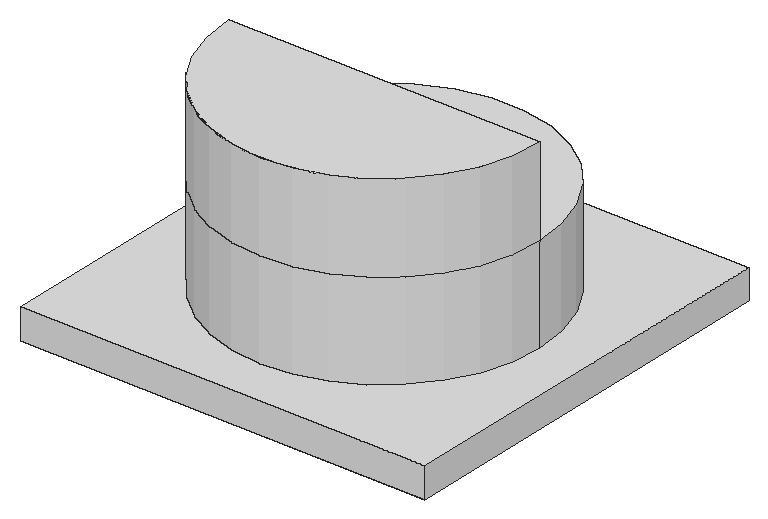
Revit family "290273 OvaLED R NM ST LED LP 1t_Tak", category Lighting Fixtures, Revit 2016
Family settings
  Part Type = Normal
  Round Connector Dimension = Use Diameter
  OmniClass Number = 23.80.70.11.21
  OmniClass Title = Emergency Lighting
  Work Plane-Based = No
  Always vertical = Yes
  Cut with Voids When Loaded = No
  Light Source = Yes
  Shared = No
  Room Calculation Point = No
Parameters (values of type "Ledelys")
  Wattage = 9.2903 W
  built-in parameter 1150110 = 1 (stored number, unit not read)
  Type Comments = "-UN"
  built-in parameter 1114217 = 1 (stored number, unit not read)
  Tilt Angle = 90.00°
  built-in parameter 1150109 = 1 (stored number, unit not read)
  built-in parameter 1150134 = 3
  built-in parameter 1150113 = 1 (stored number, unit not read)
  Photometric Web File = "2x4 3Lamp.ies"
  Number of Poles = 1
  Symbol Positive Direction [instance] = yes
  NS8360 = "4432_WT2"
  Manufacturer = "Honeywell"
  built-in parameter 1150105 = 109.82 (stored number, unit not read)
  Lumens = 1380 lm
  built-in parameter 1150115 = 1 (stored number, unit not read)
  built-in parameter 1150137 = (empty or 0)
  built-in parameter 1150139 = (empty or 0)
  built-in parameter 1150112 = 1 (stored number, unit not read)
  built-in parameter 1150114 = 1 (stored number, unit not read)
  Keynote = "WT2"
  built-in parameter 1150132 = (empty or 0)
  built-in parameter 1150102 = (empty or 0)
  built-in parameter 1150107 = 3200 (stored number, unit not read)
  built-in parameter 1150138 = (empty or 0)
  built-in parameter 1150106 = 1.0982 (stored number, unit not read)
  Height 2 = 35 mm
  Height 1 = 38 mm
  Height = 22 mm
  Voltage = 230 V
  Symbol Offset Side [instance] = 0 mm
  Symbol Offset Out [instance] = 0 mm
  Material = Plastic - White
  Loads [instance] = 0 VA
  Length B = 160 mm
  Length A = 160 mm
  Glass Material = Plastic - Glass
  Emit from Rectangle Width = Length B  # 160 mm
  Emit from Rectangle Length = Length A  # 160 mm
  Emit Shape Visible in Rendering = no
  built-in parameter 1150104 = 13.8 (stored number, unit not read)
  Dimming Lamp Color Temperature Shift = <None>
  Diameter = 123 mm
  Color Filter = 16777215
  built-in parameter 1114218 = 1 (stored number, unit not read)
  built-in parameter 1150133 = 10 (stored number, unit not read)
  Assembly Code = "4432"
Reference planes
  plane 1 "Light Source Axis (F/B)": y = 0
  plane 2: z = 0
  plane 3 "Light Source Axis (L/R)": x = 0
  plane 4 "Light Source Elevation": z = 0
  plane 5: z = -22
  plane 6: z = -19
  plane 7: z = -12
  plane 8: y = 80
  plane 9: x = 80
  plane 10: y = -80
  plane 11: x = -80
  plane 12: y = 15
  plane 13: x = 15
  plane 14: y = -15
  plane 15: x = -15
  plane 16: z = 38
  plane 17: z = 73
Forms (mm)
  Extrusion 1, solid, material "Plastic - White" <- "Material"
    sketch origin (0, 0, 0) x (1, 0, 0) y (0, 1, 0)
      loop
        line (-80, 80) -> (-80, -80) -> (80, -80) -> (80, 80) -> (-80, 80)
    from 0 to -12
  Blend 2, solid, material "Plastic - White" <- "Material"
    base sketch origin (0, 0, 0) x (1, 0, 0) y (0, 1, 0)
      loop
        line (-80, 80) -> (-80, -80) -> (80, -80) -> (80, 80) -> (-80, 80)
    top sketch origin (0, 0, 0) x (1, 0, 0) y (0, 1, 0)
      loop
        line (-15, 15) -> (-15, -15) -> (15, -15) -> (15, 15) -> (-15, 15)
    from -12 to -19
  Revolve 3, solid, material "Plastic - Glass" <- "Glass Material"
    sketch origin (0, 0, 0) x (1, 0, 0) y (0, 0, 1)
      loop
        line (0, -19) -> (0, -22) -> (0.8, -22)
        arc (0.8, -22) -> (2.993, -21.133) -> (4, -19) r 3.207
        line (4, -19) -> (0, -19)
      axis (0, -19) -> (0, -22)
    angle from 0 to 360
  Extrusion 4, solid, material "Plastic - White" <- "Material"
    sketch origin (0, 0, 0) x (1, 0, 0) y (0, 1, 0)
      loop
        circle (0, 0) r 61.5
    from 0 to 38
  Extrusion 5, solid, material "Plastic - White" <- "Material"
    sketch origin (0, 0, 0) x (1, 0, 0) y (0, 1, 0)
      loop
        arc (-61.5, 0) -> (0, -61.5) -> (61.5, 0) r 61.5
        line (61.5, 0) -> (-61.5, 0)
    from 38 to 73
Cuts and joins
  joined: Extrusion 4, Extrusion 5
Lines and regions (mm)
  model lines, style "InvisibleLines"
    curve 1: line (0, 0, 0) -> (0, 0, -19)
Dimensions and locks
  plane 4 "Light Source Elevation" to plane 2 = 0 mm
  "Height": plane 4 "Light Source Elevation" to plane 5
  locked: plane 6 to plane 5 at 3
  locked: plane 7 to plane 5 at 10
  equal spacing: plane 11, plane 3 "Light Source Axis (L/R)", plane 9
  equal spacing: plane 8, plane 1 "Light Source Axis (F/B)", plane 10
  "Length A": plane 11 to plane 9
  "Length B": plane 8 to plane 10
  plane 12 to plane 1 "Light Source Axis (F/B)" to plane 14 = 15 mm locked, 15 mm locked
  plane 15 to plane 3 "Light Source Axis (L/R)" to plane 13 = 15 mm locked, 15 mm locked
  "Height 1": plane 16 to plane 4 "Light Source Elevation"
  "Height 2": plane 17 to plane 16
  "Diameter": diameter of Extrusion 4 sketch curve
  "Diameter": diameter of Extrusion 5 sketch curve
  aligned and locked: plane 2 to level
  aligned and locked: plane 1 "Light Source Axis (F/B)" to nested 1
  aligned and locked: plane 3 "Light Source Axis (L/R)" to nested 1
  aligned and locked: Extrusion 1 sketch curve to plane 8
  aligned and locked: plane 11 to Extrusion 1 sketch curve
  aligned and locked: plane 10 to Extrusion 1 sketch curve
  aligned and locked: Extrusion 1 sketch curve to plane 9
  aligned and locked: Extrusion 1 to plane 7
  aligned and locked: Extrusion 1 to plane 4 "Light Source Elevation"
  aligned and locked: Blend 2 sketch curve to plane 8
  aligned and locked: plane 11 to Blend 2 sketch curve
  aligned and locked: plane 10 to Blend 2 sketch curve
  aligned and locked: Blend 2 sketch curve to plane 9
  aligned and locked: Blend 2 sketch curve to plane 12
  aligned and locked: plane 15 to Blend 2 sketch curve
  aligned and locked: Blend 2 sketch curve to plane 14
  aligned and locked: Blend 2 sketch curve to plane 13
  aligned and locked: plane 7 to Blend 2
  aligned and locked: Revolve 3 sketch curve to plane 3 "Light Source Axis (L/R)"  (x2)
  aligned and locked: Revolve 3 sketch curve to plane 6
  aligned and locked: Revolve 3 sketch curve to plane 5
  aligned and locked: imposter light to plane 3 "Light Source Axis (L/R)"
  aligned and locked: imposter light to plane 5
  aligned and locked: imposter light to plane 1 "Light Source Axis (F/B)"
  aligned and locked: Blend 2 to plane 6
  aligned and locked: plane 3 "Light Source Axis (L/R)" to Extrusion 4 sketch curve
  aligned and locked: plane 1 "Light Source Axis (F/B)" to Extrusion 4 sketch curve
  aligned and locked: plane 16 to Extrusion 4
  aligned and locked: plane 4 "Light Source Elevation" to Extrusion 4
  aligned and locked: plane 3 "Light Source Axis (L/R)" to Extrusion 5 sketch curve
  aligned and locked: plane 1 "Light Source Axis (F/B)" to Extrusion 5 sketch curve  (x2)
  aligned and locked: plane 17 to Extrusion 5
  aligned and locked: Extrusion 5 to plane 16
Automatic sketch dimensions
  plane 6 to Revolve 3 sketch curve = 0.207 mm
  plane 3 "Light Source Axis (L/R)" to Revolve 3 sketch curve = 0.8 mm
  Revolve 3 sketch curve to plane 5 = 256.8 mm
  level to Revolve 3 sketch curve = 2366.751 mm
  curve 1 to level = 0 mm
  curve 1 to plane 6 = 0 mm
  curve 1 to plane 3 "Light Source Axis (L/R)" = 0 mm
Nested families
  nested 1: "LedelysS" at (0, 0, 0), type "Type 1"
Connectors
  electrical at (0, 0, 0), driven by "Voltage", driven by "Loads", driven by "Number of Poles", driven by "Loads"
    settings: on plane 4 "Light Source Elevation", index 1, voltage 230 V, apparent load 0 VA, apparent load phase1 0 VA, apparent load phase2 0 VA, apparent load phase3 0 VA, power factor 1, load classification "Lighting", number of poles 1, system type 30, power factor state 1, is connector primary yes, connector utility no, sub classification motor no, connector description ""
Definition of nested family "LedelysS"
  Parameters
    CQ Symbol Positive Direction = yes
    CQ Symbol Negative Direction = not(CQ Symbol Positive Direction)  # no
    CQ Symbol Offset Side = 0 mm
    CQ Symbol Offset Out = 0 mm
  Reference planes
    plane 1: y = 0
    plane 2: x = 0
  Dimensions and locks
    "CQ Symbol Offset Out": plane 1 to nested 1
    "CQ Symbol Offset Out": plane 1 to nested 2
    "CQ Symbol Offset Side": plane 2 to nested 2
    "CQ Symbol Offset Side": nested 1 to plane 2
  Nested families
    nested 1: "LedelysSub" at (0, 0, 0), visible <- "CQ Symbol Negative Direction", type "Type 1"
    nested 2: "LedelysSub" at (0, 0, 0), visible <- "CQ Symbol Positive Direction", type "Type 1"
  Definition of nested family "LedelysSub"
    Reference planes
      plane 1: y = 0
      plane 2: x = 0
    Lines and regions (mm)
      detail lines
        curve 1: line (-4, -2, 0) -> (4, -2, 0)
        curve 2: line (4, -2, 0) -> (4, 2, 0)
        curve 3: line (4, 2, 0) -> (-4, 2, 0)
        curve 4: line (-4, 2, 0) -> (-4, -2, 0)
        curve 5: line (-3.097, -1.25, 0) -> (-0.597, 1.25, 0)
        curve 6: line (-3.097, 1.25, 0) -> (-0.597, -1.25, 0)
        curve 7: circle (-1.847, 0, 0) r 1.2 normal (0, 0, 1)
    Text (mm)
      text "LL" at (2.179, 1.025, 0)
